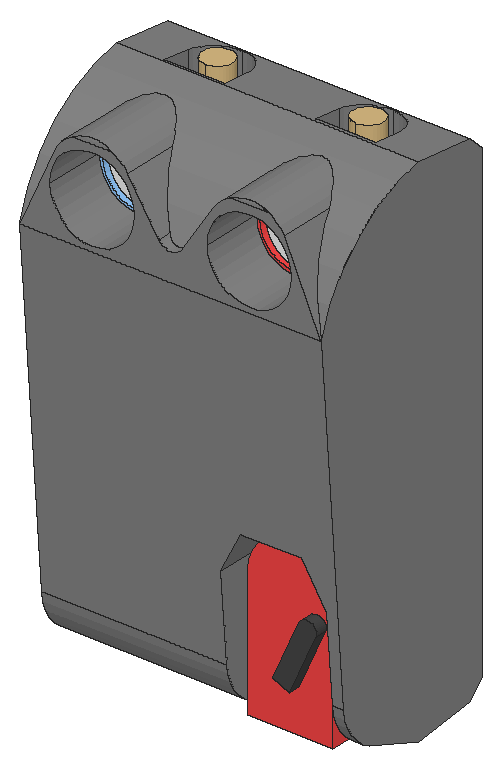
Revit family "R586R_101-114", category Pipe Accessories, Revit 2025
Family settings
  Round Connector Dimension = Use Diameter
  Part Type = Normal
  Work Plane-Based = No
  Always vertical = No
  Cut with Voids When Loaded = No
  Shared = No
Parameters (values of type "R586RY112-without circulator")
  Void Position 2 [instance] = if(Actuator, 152.8 mm, 350 mm)  # 152.8 mm
  Void Position = 300 mm
  URL = ""
  Nominal Diameter 2 = 25 mm  # constant formula
  Nominal Diameter 1 = 40 mm  # constant formula
  Model = "R586RY112-without circulator"
  Manufacturer = "Giacomini"  # constant formula
  L = 160 mm
  I = 165 mm
  H = 65 mm
  GIA_Model = "R586R"  # constant formula
  GIA_Manufacturer = "GIACOMINI"  # constant formula
  GIA_Description = "Distribution groups and regulation "  # constant formula
  GIA_Code = "R586RY112"
  G = 100 mm
  Flow Supply [instance] = 0.0 m³/h
  Flow Return [instance] = 0.0 m³/h
  F = 430 mm
  Default Elevation = 0 mm
  D = 250 mm
  C = 125 mm
  Actuator Type Selector [instance] = if(Actuator Type = 1, ❶, if(Actuator Type = 2, ❷, ❸))  # K275 : K275Y013
  Actuator Type [instance] = 0
  Actuator [instance] = yes
  ❸ [instance] = K275 : K275Y013
  ❷ [instance] = K275 : K275Y011
  ❶ [instance] = K275 : K275Y002
Types (8, lengths in mm): name | Void Position | Model | GIA_Code
  R586RY101-with circulator | 145 | "R586RY101-with circulator" | "R586RY101"
  R586RY102-with circulator | 145 | "R586RY102-with circulator" | "R586RY102"
  R586RY103-with circulator | 145 | "R586RY103-with circulator" | "R586RY103"
  R586RY104-with circulator | 145 | "R586RY104-with circulator" | "R586RY104"
  R586RY111-without circulator | 300 | "R586RY111-without circulator" | "R586RY111"
  R586RY112-without circulator | 300 | "R586RY112-without circulator" | "R586RY112"
  R586RY113-without circulator | 300 | "R586RY113-without circulator" | "R586RY113"
  R586RY114-without circulator | 300 | "R586RY114-without circulator" | "R586RY114"
Reference planes
  plane 1 "Center (Front/Back)": y = 0
  plane 2: z = 0
  plane 3 "Center (Left/Right)": x = 0
  plane 4: y = -65
  plane 5: x = 125.132
  plane 6: x = 125.132
  plane 7: x = 250
  plane 8 "F": z = 430
  plane 9: y = -165
  plane 10: x = 62.632
  plane 11: x = 187.632
  plane 12: x = 62.632
  plane 13: x = 187.632
Forms (mm)
  Extrusion 1, solid, material "Foam", detail levels medium+fine
    sketch origin (0, 0, 0) x (0, 1, 0) y (0, 0, 1)
      loop
        line (-65, 430) -> (-65, -0.043) -> (-12.123, 6.449) -> (0, 18.572) -> (0, 411.385) -> (-12.123, 423.508) -> (-65, 430)
    from 0 to 250
  Extrusion 2, solid, material "Foam", detail levels medium+fine
    sketch origin (0, -13.004, 0) x (0, 1, 0) y (0, 0, 1)
      loop
        line (-52.148, 0) -> (-52.148, 430) -> (-141.996, 430)
        arc (-141.996, 430) -> (-149.067, 427.071) -> (-151.996, 420) r 10
        line (-151.996, 420) -> (-151.996, 340) -> (-129.324, 56.937)
        arc (-129.324, 56.937) -> (-121.346, 34.469) -> (-102.975, 19.272) r 44.816
        line (-102.975, 19.272) -> (-52.148, 0)
    from 0 to 250
  Extrusion 3, void
    sketch origin (243.125, 0, -6.25) x (-1, 0, 0) y (0, 0, -1)
      loop
        circle (53.115, -385.183) r 35
      loop
        circle (183.135, -385.183) r 35
    from 88.712 to 174.421
  Extrusion 4, void
    sketch origin (0, 0, 25) x (1, 0, 0) y (0, 0, 1)
      loop
        line (405, 285.81) -> (300, 285.81) -> (300, 153.31) -> (405, 153.31) -> (405, 285.81)
    from 71.998 to 174.421
  Extrusion 5, solid, material "Giacomini Steel Material", detail levels medium+fine
    sketch origin (-9.846, -65, 292.295) x (0, 0, -1) y (1, 0, 0)
      loop
        arc (22.514, 172.546) -> (24.454, 167.862) -> (29.138, 165.922) r 6.624
        line (29.138, 165.922) -> (46.286, 165.023)
        arc (46.286, 165.023) -> (64.329, 161.539) -> (82.372, 165.023) r 48.453
        line (82.372, 165.023) -> (99.52, 165.922)
        arc (99.52, 165.922) -> (104.204, 167.862) -> (106.144, 172.546) r 6.624
        line (106.144, 172.546) -> (107.043, 189.695)
        arc (107.043, 189.695) -> (110.753, 207.738) -> (107.043, 225.78) r 45.727
        line (107.043, 225.78) -> (106.144, 242.929)
        arc (106.144, 242.929) -> (104.204, 247.613) -> (99.52, 249.553) r 6.624
        line (99.52, 249.553) -> (82.372, 250.452)
        arc (82.372, 250.452) -> (64.329, 254.056) -> (46.286, 250.452) r 46.96
        line (46.286, 250.452) -> (29.138, 249.553)
        arc (29.138, 249.553) -> (24.454, 247.613) -> (22.514, 242.929) r 6.624
        line (22.514, 242.929) -> (21.615, 225.78)
        arc (21.615, 225.78) -> (17.905, 207.738) -> (21.615, 189.695) r 45.727
        line (21.615, 189.695) -> (22.514, 172.546)
    from 6.998 to 23.712
  Extrusion 6, solid, material "Giacomini Steel Material", detail levels medium+fine
    sketch origin (2.5, 0, 25) x (1, 0, 0) y (0, 0, 1)
      loop
        arc (164.43, 230.658) -> (156.282, 198.665) -> (169.246, 168.301) r 51.478
        line (169.246, 168.301) -> (167.246, 160.839) -> (225.075, 160.839) -> (223.091, 168.243)
        arc (223.091, 168.243) -> (235.272, 200.065) -> (226.14, 232.892) r 54.417
        line (226.14, 232.892) -> (226.14, 273.789) -> (164.43, 273.789) -> (164.43, 230.658)
    from 88.712 to 123.742
  Extrusion 7, void
    sketch origin (7.5, 0, 0) x (1, 0, 0) y (0, 0, 1)
      loop
        line (145.3, 18.572) -> (233.191, 18.572) -> (233.191, 128.572) -> (214.213, 163.572) -> (164.245, 163.572) -> (145.3, 128.572) -> (145.3, 18.572)
    from 71.998 to 156.249
  Extrusion 8, void
    sketch origin (0, -2.5, 0) x (1, 0, 0) y (0, 1, 0)
      loop
        line (37.632, -60.54) -> (87.632, -60.54) -> (87.632, -36.403)
        arc (87.632, -36.403) -> (80.31, -18.725) -> (62.632, -11.403) r 25
        arc (62.632, -11.403) -> (44.955, -18.725) -> (37.632, -36.403) r 25
        line (37.632, -36.403) -> (37.632, -60.54)
      loop
        line (212.867, -60.54) -> (212.867, -36.402)
        arc (212.867, -36.402) -> (205.461, -18.641) -> (187.632, -11.403) r 25
        arc (187.632, -11.403) -> (170.106, -18.807) -> (162.867, -36.402) r 25
        line (162.867, -36.402) -> (162.867, -60.54) -> (212.867, -60.54)
    from 403.215 to 443.654
  Extrusion 9, void
    sketch origin (250, -2.5, -370.043) x (0, 1, 0) y (-1, 0, 0)
      loop
        arc (-32.652, 162.368) -> (-14.974, 169.69) -> (-7.652, 187.368) r 25
        arc (-7.652, 187.368) -> (-14.974, 205.045) -> (-32.652, 212.368) r 25
        line (-32.652, 212.368) -> (-60.782, 212.368) -> (-60.782, 162.368) -> (-32.652, 162.368)
      loop
        line (-61.119, 87.133) -> (-61.119, 37.133) -> (-32.652, 37.133)
        arc (-32.652, 37.133) -> (-14.891, 44.539) -> (-7.653, 62.368) r 25
        arc (-7.653, 62.368) -> (-15.057, 79.894) -> (-32.652, 87.133) r 25
        line (-32.652, 87.133) -> (-61.119, 87.133)
    from 359.064 to 421.718
  Extrusion 10, void
    sketch origin (0, 0, 0) x (1, 0, 0) y (0, 0, 1)
      loop
        line (89.387, 407.929) -> (114.889, 368.461)
        arc (114.889, 368.461) -> (125, 362.956) -> (135.111, 368.461) r 12.038
        line (135.111, 368.461) -> (160.613, 407.929)
        arc (160.613, 407.929) -> (190.01, 423.933) -> (219.407, 407.929) r 35
        line (219.407, 407.929) -> (249.128, 340.68) -> (250, 340.68) -> (250, 430) -> (0, 430) -> (0, 340.68) -> (0.853, 340.68) -> (30.593, 407.929)
        arc (30.593, 407.929) -> (59.99, 423.933) -> (89.387, 407.929) r 35
    from 65.152 to 197.299
  Extrusion 11, solid, material "Brass", detail levels medium+fine
    sketch origin (0, 0, 0) x (1, 0, 0) y (0, 1, 0)
      loop
        circle (62.632, -38.902) r 20
      loop
        circle (187.368, -38.902) r 20
    from 0.168 to 51.675
  Extrusion 12, solid, material "Brass", detail levels medium+fine
    sketch origin (0, 0, 400) x (0, -1, 0) y (1, 0, 0)
      loop
        circle (38.902, 62.632) r 12.5
      loop
        circle (38.902, 187.368) r 12.5
    from 3.215 to 30
  Extrusion 13, solid, material "Foam", detail levels medium+fine
    sketch origin (0, 0, 0) x (0, 1, 0) y (0, 0, 1)
      loop
        arc (-65, 430) -> (-128.834, 400.371) -> (-165, 340) r 119.746
        line (-165, 340) -> (-65, 340) -> (-65, 430)
    from 0 to 250
Cuts and joins
  Extrusion 8, Extrusion 9 cuts Extrusion 1
  Extrusion 3, Extrusion 4, Extrusion 7, Extrusion 10 cuts Extrusion 2
  Extrusion 3 cuts Extrusion 13
  joined: Extrusion 1, Extrusion 2, Extrusion 13
Dimensions and locks
  "H": plane 1 "Center (Front/Back)" to plane 4
  "D": plane 7 to plane 3 "Center (Left/Right)"
  "F": plane 8 "F" to level
  plane 8 "F" to Extrusion 1 sketch curve to Extrusion 1 sketch curve = 6.492 mm locked, 12.123 mm locked
  locked: plane 8 "F" to Extrusion 3 sketch curve at 51.067  (x2)
  "G": plane 4 to plane 9
  "I": plane 1 "Center (Front/Back)" to plane 9
  locked: plane 8 "F" to Extrusion 2 sketch curve at 10
  locked: Extrusion 2 sketch curve to plane 9 at 10
  locked: Extrusion 10 sketch curve to Extrusion 10 sketch curve at 58.794  (x2)
  equal spacing: plane 10, plane 5, plane 11
  "C": plane 10 to plane 11
  equal spacing: plane 12, plane 6, plane 13
  "C": plane 12 to plane 13
  Extrusion 6 sketch curve to Extrusion 6 sketch curve = 61.71 mm
  locked: Extrusion 4 sketch curve to Extrusion 4 sketch curve at 105
  "Void Position": plane 3 "Center (Left/Right)" to Extrusion 4 sketch curve
  locked: Extrusion 7 sketch curve to Extrusion 7 sketch curve at 87.891
  "Void Position 2": Extrusion 7 sketch curve to plane 3 "Center (Left/Right)"
  locked: Extrusion 7 sketch curve to Extrusion 7 sketch curve at 49.968
  aligned and locked: level to plane 2
  aligned and locked: plane 4 to Extrusion 1
  aligned and locked: Extrusion 1 sketch curve to plane 4
  aligned and locked: plane 4 to Extrusion 1 sketch curve
  aligned and locked: plane 7 to Extrusion 1
  aligned and locked: Extrusion 10 sketch curve to plane 8 "F"
  aligned and locked: plane 8 "F" to Extrusion 1 sketch curve
  aligned and locked: plane 3 "Center (Left/Right)" to Extrusion 10 sketch curve
  aligned and locked: plane 9 to Extrusion 2 sketch curve  (x2)
  aligned and locked: plane 8 "F" to Extrusion 2 sketch curve
  aligned and locked: Extrusion 10 sketch curve to plane 7
  aligned and locked: plane 10 to Extrusion 8 sketch curve
  aligned and locked: plane 11 to Extrusion 8 sketch curve
  aligned and locked: plane 12 to Extrusion 9 sketch curve
  aligned and locked: plane 13 to Extrusion 9 sketch curve
  aligned and locked: plane 8 "F" to Extrusion 12
Automatic sketch dimensions
  Extrusion 1 sketch curve to plane 1 "Center (Front/Back)" = 0 mm
  plane 1 "Center (Front/Back)" to Extrusion 1 sketch curve = 12.123 mm  (x2)
  level to Extrusion 1 sketch curve = 18.572 mm
  level to Extrusion 1 sketch curve = 6.449 mm
  Extrusion 1 sketch curve to level = 0.043 mm
  Extrusion 2 sketch curve to level = 0 mm
  Extrusion 2 sketch curve to plane 9 = 22.672 mm
  level to Extrusion 2 sketch curve = 19.272 mm
  Extrusion 2 sketch curve to Extrusion 2 sketch curve = 26.35 mm
  plane 4 to Extrusion 2 sketch curve = 32.628 mm
  plane 4 to Extrusion 2 sketch curve = 0.152 mm
  Extrusion 2 sketch curve to Extrusion 2 sketch curve = 37.666 mm
  Extrusion 2 sketch curve to Extrusion 2 sketch curve = 80 mm
  plane 7 to Extrusion 3 sketch curve = 59.99 mm
  Extrusion 3 sketch curve to plane 3 "Center (Left/Right)" = 59.99 mm
  Extrusion 5 sketch curve to Extrusion 5 sketch curve = 0.899 mm  (x4)
  Extrusion 1 to Extrusion 5 sketch curve = 10.293 mm
  Extrusion 5 sketch curve to Extrusion 5 sketch curve = 6.624 mm  (x3)
  Extrusion 5 sketch curve to Extrusion 5 sketch curve = 17.149 mm  (x5)
  Extrusion 1 to Extrusion 5 sketch curve = 9.394 mm  (x2)
  Extrusion 5 sketch curve to Extrusion 5 sketch curve = 42.016 mm
  Extrusion 5 sketch curve to Extrusion 5 sketch curve = 0.698 mm  (x3)
  Extrusion 1 to Extrusion 5 sketch curve = 94.822 mm
  Extrusion 5 sketch curve to Extrusion 5 sketch curve = 36.086 mm
  Extrusion 1 to Extrusion 5 sketch curve = 93.924 mm
  Extrusion 1 to Extrusion 5 sketch curve = 16.917 mm
  Extrusion 1 to Extrusion 5 sketch curve = 87.3 mm
  Extrusion 1 to Extrusion 5 sketch curve = 34.065 mm  (x2)
  Extrusion 1 to Extrusion 5 sketch curve = 70.151 mm
  Extrusion 5 sketch curve to Extrusion 5 sketch curve = 0.641 mm  (x2)
  Extrusion 5 sketch curve to Extrusion 5 sketch curve = 2.254 mm
  plane 3 "Center (Left/Right)" to Extrusion 10 sketch curve = 0.853 mm
  plane 3 "Center (Left/Right)" to Extrusion 10 sketch curve = 30.593 mm
  Extrusion 10 sketch curve to Extrusion 10 sketch curve = 29.397 mm  (x2)
  Extrusion 10 sketch curve to Extrusion 10 sketch curve = 25.503 mm  (x2)
  Extrusion 10 sketch curve to Extrusion 10 sketch curve = 10.111 mm  (x2)
  Extrusion 10 sketch curve to plane 8 "F" = 61.539 mm
  Extrusion 10 sketch curve to plane 8 "F" = 22.071 mm  (x2)
  Extrusion 10 sketch curve to Extrusion 10 sketch curve = 0.872 mm
  Extrusion 10 sketch curve to plane 8 "F" = 89.32 mm
  Extrusion 10 sketch curve to Extrusion 10 sketch curve = 67.249 mm
  Extrusion 10 sketch curve to Extrusion 10 sketch curve = 6.533 mm
  Extrusion 10 sketch curve to plane 8 "F" = 41.067 mm
  Extrusion 10 sketch curve to Extrusion 10 sketch curve = 18.995 mm
  Extrusion 11 sketch curve to plane 4 = 26.098 mm  (x2)
  plane 3 "Center (Left/Right)" to Extrusion 11 sketch curve = 62.632 mm
  Extrusion 11 sketch curve to plane 7 = 62.632 mm
  Extrusion 12 sketch curve to plane 4 = 26.098 mm  (x2)
  plane 3 "Center (Left/Right)" to Extrusion 12 sketch curve = 62.632 mm
  Extrusion 12 sketch curve to plane 7 = 62.632 mm
  Extrusion 13 sketch curve to plane 9 = 0 mm
  Extrusion 13 sketch curve to plane 4 = 0 mm
  Extrusion 13 sketch curve to plane 8 "F" = 0 mm
  Extrusion 13 sketch curve to plane 4 = 16.272 mm
  Extrusion 13 sketch curve to Extrusion 13 sketch curve = 90 mm
  Extrusion 6 sketch curve to plane 7 = 83.07 mm
  Extrusion 6 sketch curve to Extrusion 6 sketch curve = 2.816 mm
  Extrusion 6 sketch curve to Extrusion 6 sketch curve = 1.999 mm
  Extrusion 6 sketch curve to Extrusion 6 sketch curve = 16.485 mm
  Extrusion 6 sketch curve to Extrusion 6 sketch curve = 26.693 mm
  Extrusion 6 sketch curve to plane 7 = 24.409 mm
  Extrusion 6 sketch curve to Extrusion 6 sketch curve = 1.984 mm
  level to Extrusion 6 sketch curve = 185.839 mm
  Extrusion 6 sketch curve to Extrusion 6 sketch curve = 7.403 mm
  Extrusion 6 sketch curve to Extrusion 6 sketch curve = 7.462 mm
  Extrusion 6 sketch curve to Extrusion 6 sketch curve = 34.327 mm
  Extrusion 6 sketch curve to Extrusion 6 sketch curve = 0 mm
  Extrusion 6 sketch curve to Extrusion 6 sketch curve = 43.131 mm
  Extrusion 1 to Extrusion 5 sketch curve = 159.32 mm
  Extrusion 5 sketch curve to Extrusion 5 sketch curve = 0 mm
  level to Extrusion 4 sketch curve = 178.31 mm
  Extrusion 4 sketch curve to plane 8 "F" = 119.19 mm
  Extrusion 7 sketch curve to Extrusion 7 sketch curve = 18.945 mm
  level to Extrusion 7 sketch curve = 18.572 mm
  Extrusion 7 sketch curve to Extrusion 7 sketch curve = 110 mm
  Extrusion 7 sketch curve to Extrusion 7 sketch curve = 0 mm
  Extrusion 7 sketch curve to Extrusion 7 sketch curve = 35 mm
  Extrusion 8 sketch curve to Extrusion 8 sketch curve = 0 mm  (x3)
  Extrusion 8 sketch curve to plane 4 = 1.96 mm  (x2)
  plane 10 to Extrusion 8 sketch curve = 25 mm
  plane 11 to Extrusion 8 sketch curve = 24.766 mm
  Extrusion 8 sketch curve to plane 11 = 0.234 mm
  Extrusion 8 sketch curve to Extrusion 8 sketch curve = 24.137 mm
  Extrusion 8 sketch curve to plane 4 = 26.098 mm
  Extrusion 9 sketch curve to Extrusion 9 sketch curve = 0 mm  (x3)
  Extrusion 9 sketch curve to plane 4 = 1.381 mm
  Extrusion 9 sketch curve to plane 4 = 1.718 mm
  Extrusion 9 sketch curve to plane 4 = 29.848 mm
  Extrusion 9 sketch curve to Extrusion 9 sketch curve = 28.467 mm
  Extrusion 9 sketch curve to plane 13 = 0.234 mm
  Extrusion 9 sketch curve to Extrusion 9 sketch curve = 25 mm
  Extrusion 9 sketch curve to plane 12 = 25 mm
  radius of Extrusion 3 sketch curve = 35 mm  (x2)
  radius of Extrusion 11 sketch curve = 20 mm  (x2)
  radius of Extrusion 12 sketch curve = 12.5 mm  (x2)
Nested families
  nested 1: "Meter" at (190, -103.712, 333.933), type "Red", detail levels medium+fine
  nested 2: "Meter" at (60, -103.712, 333.933), type "Bue", detail levels medium+fine
  nested 3: "K275" at (197.952, -71.998, 18.572), visible <- "Actuator", type <- "Actuator Type Selector", type "K275Y013"
Connectors
  piping at (62.632, -38.902, 430), diameter 25, driven by "Nominal Diameter 2", driven by "Flow Return"
    settings: on Extrusion 12, index 1, connector inside diameter 609.6 mm, connector length 0 mm, flow factor 0, pipe flow 0.0 m³/h, pressure drop 0.0 Pa, fitting loss kfactor 0, connector angle 0.00°, fixture units 0, engagement length 0 mm, angle of deflection 0.00°, flow configuration 0, flow direction 1, fitting loss method 0, system type 8, joint type 0, gender type 0, connector reference index -1, connector utility 0, adjustable connector no, is connector primary yes, connector description ""
  piping at (187.368, -38.902, 430), diameter 25, driven by "Nominal Diameter 2", driven by "Flow Supply"
    settings: on Extrusion 12, index 2, connector inside diameter 609.6 mm, connector length 0 mm, flow factor 0, pipe flow 0.0 m³/h, pressure drop 0.0 Pa, fitting loss kfactor 0, connector angle 0.00°, fixture units 0, engagement length 0 mm, angle of deflection 0.00°, flow configuration 0, flow direction 2, fitting loss method 0, system type 7, joint type 0, gender type 0, connector reference index -1, connector utility 0, adjustable connector no, is connector primary no, connector description ""
  piping at (62.632, -38.902, 0.168), diameter 40, driven by "Nominal Diameter 1", driven by "Flow Return"
    settings: on Extrusion 11, index 3, connector inside diameter 609.6 mm, connector length 0 mm, flow factor 0, pipe flow 0.0 m³/h, pressure drop 0.0 Pa, fitting loss kfactor 0, connector angle 0.00°, fixture units 0, engagement length 0 mm, angle of deflection 0.00°, flow configuration 1, flow direction 2, fitting loss method 0, system type 8, joint type 0, gender type 0, connector reference index -1, connector utility 0, adjustable connector no, is connector primary no, connector description ""
  piping at (187.368, -38.902, 0.168), diameter 40, driven by "Nominal Diameter 1", driven by "Flow Supply"
    settings: on Extrusion 11, index 4, connector inside diameter 609.6 mm, connector length 0 mm, flow factor 0, pipe flow 0.0 m³/h, pressure drop 0.0 Pa, fitting loss kfactor 0, connector angle 0.00°, fixture units 0, engagement length 0 mm, angle of deflection 0.00°, flow configuration 1, flow direction 1, fitting loss method 0, system type 7, joint type 0, gender type 0, connector reference index -1, connector utility 0, adjustable connector no, is connector primary no, connector description ""
Definition of nested family "Meter"
  Parameters (values of type "Red")
    Default Elevation = 0 mm
    Color = none
  Types (3): name
    (no name)
    Bue
    Red
  Reference planes
    plane 1 "Center (Front/Back)": y = 0
    plane 2: z = 0
    plane 3 "Center (Left/Right)": x = 0
    plane 4: y = 0
    plane 5: z = 77.117
    plane 6: z = 45
    plane 7: z = -25
    plane 8: x = 0
  Forms (mm)
    Revolve 1, solid, material <- "Color"
      sketch origin (0, 0, 45.13) x (1, 0, 0) y (0, 1, 0)
        loop
          line (29.734, -13.312) -> (32, -13.312) -> (32, 9.042) -> (0, 9.042) -> (0, -8.497) -> (29.734, -8.497) -> (29.734, -13.312)
        axis (0, -13.312) -> (0, 9.042)
      angle from 0 to 360
  Dimensions and locks
    aligned and locked: level to plane 2
Definition of nested family "K275"
  Parameters (values of type "K275Y002")
    Manufacture Art. No. = "K275Y002"
    Default Elevation = 0 mm
  Types (5, lengths in mm): name | Manufacture Art. No.
    (no name) | "K275Y002"
    K275Y002 | "K275Y002"
    K275Y011 | "K275Y011"
    K275Y013 | "K275Y013"
    K274Y103 | "K274Y103"
  Reference planes
    plane 1 "Center (Front/Back)": y = 0
    plane 2: z = 0
    plane 3 "Center (Left/Right)": x = 0
  Forms (mm)
    Extrusion 1, solid, detail levels medium+fine
      sketch origin (-196.713, 71.998, -18.572) x (1, 0, 0) y (0, 0, 1)
        loop
          arc (231.713, 126.691) -> (196.713, 161.691) -> (161.713, 126.691) r 35
          line (161.713, 126.691) -> (161.713, 18.572) -> (231.713, 18.572) -> (231.713, 126.691)
      from 71.998 to 132.57
    Extrusion 2, solid
      sketch origin (0, 0, 0) x (1, 0, 0) y (0, 0, 1)
        loop
          line (-6.589, 41.646) -> (7.115, 35.545) -> (28.664, 83.946)
          arc (28.664, 83.946) -> (24.863, 93.848) -> (14.961, 90.047) r 7.5
          line (14.961, 90.047) -> (-6.589, 41.646)
      from 60.573 to 70.333
  Dimensions and locks
    aligned and locked: level to plane 2
